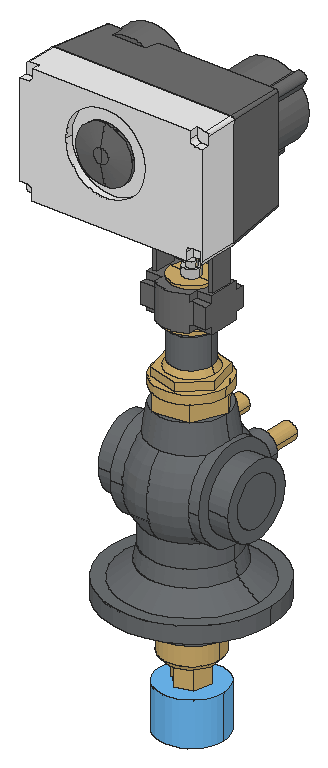
Revit family "AB-QM_DN40-50_External_AMV(E) 25 SD(SU)_RFA_1", category Pipe Accessories, Revit 2019
Family settings
  Round Connector Dimension = Use Diameter
  Part Type = Valve - Breaks Into
  OmniClass Number = 23.65.55.14.17
  OmniClass Title = Adjusting/Controlling Valves for Liquid Services
  Work Plane-Based = No
  Always vertical = Yes
  Cut with Voids When Loaded = No
  Shared = No
Parameters (values of type "AB-QM_DN40_External_003Z0770")
  ang2D [instance] = 0.00°
  Z2 = 4 mm
  Z1 = 1 mm
  XT = 1.9 mm
  Weight = 6.834 kg
  W2D = 40 mm
  W = 146 mm
  Voltage = if(or(Actuator Type = [082H3037], Actuator Type = [082H3040]), 230 V, 24 V)  # 24 V
  Valve Body Material = Danfoss Grey Iron
  URL = "https://store.danfoss.com/en/Climate-Solutions-for-heating/Hydronic-Balancing-and-Control/Pressure-independent-balancing-and-control/AB-QM/AB-QM-Valves/c/6990?q=%3Arelevance%3Adanfoss_producttypehierarchydesc%3A64b9d8b4eb1386042d41cb0d6519f866d976fa12%3Adanfoss_a1389412863%3ATA5_425361%3Adanfoss_a1389412863%3ATA14_425429&text="
  TP_W = 78 mm
  TP_R1 = 13.541 mm
  TP_L = 40 mm
  TP_D = 14.359 mm
  Stroke = "10 mm"  # constant formula
  Setting Range = "40-100%"  # constant formula
  RTN = 7 mm
  RT3 = 16.9 mm
  RT2 = 4 mm
  RT1 = 3.2 mm
  RN1_1 = 14.5 mm
  RN1 = 12.5 mm
  RM = 39 mm
  RH = 7.5 mm
  RB9 = 36.4 mm
  RB8 = 67.6 mm
  RB7 = 44.2 mm
  RB6 = 57.2 mm
  RB5_1 = 37 mm
  RB5 = 29.5 mm
  RB4 = 35.1 mm
  RB3_1 = 20 mm
  RB3 = 12.5 mm
  RB2_6 = 27 mm
  RB2_1 = 24 mm
  RB2 = 13.5 mm
  RB10 = 39 mm
  RB = 27.3 mm
  R2 = 48 mm
  R1 = 30 mm
  R = 20 mm
  Pressure Drop [instance] = 0.0 Pa
  Power = if(or(Actuator Type = [082H3038], Actuator Type = [082H3041]), 14 VA, 12 VA)  # 14 VA
  Nominal Pressure = "PN 16"  # constant formula
  Nominal Flow (Text) = "7500 l/h"
  Nominal Flow = 7.5 m³/h
  Model Type = "AB-QM_DN40"
  Model = "003Z0770"
  Min Medium Temperature = "2 °C"  # constant formula
  Min Differential Pressure = "30 kPa"  # constant formula
  Max Medium Temperature = "120 °C"  # constant formula
  Max Differential Pressure = "600 kPa"  # constant formula
  Manufacturer = "Danfoss"  # constant formula
  MIN__ve = -MIN  # -2 mm
  MIN = 2 mm
  LOD 350 = not(LOD 200)  # yes
  LOD 200 = no
  LM_4 = 23.4 mm
  LM = 93.6 mm
  L2D_Min = 30.48 mm
  L2D = 130 mm
  L1__ve = -L1  # -17.5 mm
  L1 = 17.5 mm
  L = 110 mm
  IfcExportType = "AB-QM"  # constant formula
  IfcExportAs = "IfcValveType"  # constant formula
  Ha [instance] = 302.2 mm
  HT__ve = -HT  # -13.5 mm
  HT = 13.5 mm
  HO1__ve = -HO1  # -54.66 mm
  HO1 = 54.66 mm
  HH = 20 mm
  HB = 18.6 mm
  H3 = 348 mm
  H2_6 = 48.6 mm
  H2_5 = 13 mm
  H2_4 = 7 mm
  H2_3 = 13.44 mm
  H2_2 = 4.5 mm
  H2_1 = 36.5 mm
  H2N = 19.2 mm
  H2 = 192 mm
  H1_5__ve = -H1_5  # -25 mm
  H1_5 = 25 mm
  H1_4__ve = -H1_4  # -4.8 mm
  H1_4 = 4.8 mm
  H1_3__ve = -H1_3  # -13 mm
  H1_3 = 13 mm
  H1_2 = 2 mm
  H1_1 = 2.5 mm
  H1N__ve = -H1N  # -3 mm
  H1N3__ve = -H1N3  # -13.92 mm
  H1N3 = 13.92 mm
  H1N2__ve = -H1N2  # -7 mm
  H1N2 = 7 mm
  H1N = 3 mm
  H1 = 156 mm
  H [instance] = 494.2 mm
  Flow [instance] = 0.0 m³/h
  Description = "Pressure Independent Control Valve"  # constant formula
  D1 = 65 mm
  D = 40 mm
  Connection = "External Thread (ISO 228/1)"  # constant formula
  CenSd_RN1_6 = RN1_1 * cos(30.00°)  # 12.557 mm
  CenSd_RB5_6 = RB5 * cos(30.00°)  # 25.548 mm
  CenSd_RB2_6 = RB2_6 * cos(30.00°)  # 23.383 mm
  Adapter Type = Adapter_AMV(E) 15(25)(35)_RFA : Adapter_AMV(E) 25_DN40-100_003Z0694
  Actuator Type = AMV(E) 25 SD(SU)_RFA : AME 25 SD_082H3038
  082H3041 = AMV(E) 25 SD(SU)_RFA : AME 25 SU_082H3041
  082H3040 = AMV(E) 25 SD(SU)_RFA : AMV 25 SU_230V_082H3040
  082H3038 = AMV(E) 25 SD(SU)_RFA : AME 25 SD_082H3038
  082H3037 = AMV(E) 25 SD(SU)_RFA : AMV 25 SD_230V_082H3037
Reference planes
  plane 1 "Center (Front/Back)": y = 0
  plane 2 "XYPLANE": z = 0
  plane 3 "Center (Left/Right)": x = 0
  plane 4 "123": x = 53.1
  plane 5 "120": x = -53.1
  plane 6 "102": x = -37.5
  plane 7 "101": z = 56.48
  plane 8 "100": z = 70.4
  plane 9 "99": z = 77.4
  plane 10 "98": z = 84.4
  plane 11 "97": z = 89.2
  plane 12 "96": z = 114.2
  plane 13 "95": z = 119
  plane 14 "94": z = 132
  plane 15 "93": z = 134
  plane 16 "92": z = 137
  plane 17 "91": z = 140
  plane 18 "90": z = 153.5
  plane 19 "89": z = 156
  plane 20 "88": z = -50.32
  plane 21 "87": z = -63.32
  plane 22 "86": z = -76.32
  plane 23 "85": z = -89.76
  plane 24 "84": z = -96.76
  plane 25 "83": z = -99.76
  plane 26 "82": z = -113.2
  plane 27 "81": z = -131.8
  plane 28 "80": z = -136.3
  plane 29 "79": z = -155.5
  plane 30 "78": z = -192
  plane 31 "74": x = 55
  plane 32 "73": x = -55
  plane 33 "72": z = 0
  plane 34 "71": x = 0
  plane 35 "70": y = 0
  plane 36: z = 14.66
  plane 37: z = 7.16
  plane 38: z = -57.62
  plane 39: x = -20
  plane 40: x = 20
  plane 41: x = 37.5
  plane 42: y = 78
  plane 43: y = -68
Forms (mm)
  Extrusion 1, solid, material "Danfoss Grey Iron" <- "Valve Body Material", detail levels fine
    sketch origin (53.1, -750, 0) x (0, 1, 0) y (0, 0, 1)
      loop
        circle (750, 0) r 20
    from 0 to 2 <- "MIN"
  Extrusion 2, solid, material "Danfoss Grey Iron" <- "Valve Body Material", detail levels fine
    sketch origin (-53.1, -750, 0) x (0, 1, 0) y (0, 0, 1)
      loop
        circle (750, 0) r 20
    from 0 to -2 <- "MIN__ve"
  Extrusion 3, solid, material "Danfoss Stainless Steel AISI 304 / AISI 316L", detail levels fine
    sketch origin (-750, 0, 153.5) x (1, 0, 0) y (0, 1, 0)
      loop
        circle (750, 0) r 4
    from 0 to -13.5
  Blend 4, solid, material "Danfoss Stainless Steel AISI 304 / AISI 316L", detail levels fine
    base sketch origin (-750, 0, 174) x (1, 0, 0) y (0, 1, 0)
      loop
        circle (750, 0) r 3.2
    top sketch origin (-750, 0, 174) x (1, 0, 0) y (0, 1, 0)
      loop
        circle (750, 0) r 4
    from -18 to -20.5
  Extrusion 5, solid, material "Danfoss Brass", visible <- "LOD 350", detail levels fine
    sketch origin (-750, 0, 140) x (1, 0, 0) y (0, 1, 0)
      loop
        circle (750, 0) r 7
    from 0 to -3
  Blend 6, solid, material "Danfoss Brass", visible <- "LOD 350", detail levels fine
    base sketch origin (-750, 0, 134) x (1, 0, 0) y (0, 1, 0)
      loop
        circle (750, 0) r 12.5
    top sketch origin (-750, 0, 134) x (1, 0, 0) y (0, 1, 0)
      loop
        circle (750, 0) r 12.5
    from 0 to 3
  Blend 7, solid, material "Danfoss Brass", visible <- "LOD 350", detail levels fine
    base sketch origin (-750, 0, 134) x (1, 0, 0) y (0, 1, 0)
      loop
        circle (750, 0) r 12.5
    top sketch origin (-750, 0, 134) x (1, 0, 0) y (0, 1, 0)
      loop
        circle (750, 0) r 12.5
    from 0 to -2
  Extrusion 8, solid, material "Danfoss Brass", visible <- "LOD 350", detail levels fine
    sketch origin (-750, 0, 132) x (1, 0, 0) y (0, 1, 0)
      loop
        circle (750, 0) r 12.5
    from 0 to -13
  Extrusion 9, solid, material "Danfoss Brass", visible <- "LOD 350", detail levels fine
    sketch origin (-750, 0, 119) x (1, 0, 0) y (0, 1, 0)
      loop
        circle (750, 0) r 13.5
    from 0 to -4.8
  Extrusion 10, solid, material "Danfoss Grey Iron" <- "Valve Body Material", detail levels fine
    sketch origin (-750, 0, 114.2) x (1, 0, 0) y (0, 1, 0)
      loop
        circle (750, 0) r 16.9
    from 0 to -25
  Blend 11, solid, material "Danfoss Brass", visible <- "LOD 350", detail levels fine
    base sketch origin (-750, 0, 84.4) x (1, 0, 0) y (0, 1, 0)
      loop
        circle (750, 0) r 20
    top sketch origin (-750, 0, 84.4) x (1, 0, 0) y (0, 1, 0)
      loop
        circle (750, 0) r 16.9
    from 0 to 4.8
  Extrusion 12, solid, material "Danfoss Brass", visible <- "LOD 350", detail levels fine
    sketch origin (-750, 0, 84.4) x (1, 0, 0) y (0, 1, 0)
      loop
        line (756.532, -26.198) -> (775.954, -7.442) -> (769.422, 18.756) -> (743.468, 26.198) -> (724.046, 7.442) -> (730.578, -18.756) -> (756.532, -26.198)
    from 0 to -7
  Extrusion 13, solid, material "Danfoss Brass", visible <- "LOD 350", detail levels fine
    sketch origin (-750, 0, 77.4) x (1, 0, 0) y (0, 1, 0)
      loop
        circle (750, 0) r 29.5
    from 0 to -7
  Extrusion 14, solid, material "Danfoss Brass", visible <- "LOD 350", detail levels fine
    sketch origin (-750, 0, 70.4) x (1, 0, 0) y (0, 1, 0)
      loop
        line (738.379, -27.114) -> (767.671, -23.622) -> (779.292, 3.493) -> (761.621, 27.114) -> (732.329, 23.622) -> (720.708, -3.493) -> (738.379, -27.114)
    from 0 to -13.92
  Extrusion 15, solid, material "Danfoss Plastic Light Blue", detail levels fine
    sketch origin (-750, 0, -192) x (1, 0, 0) y (0, 1, 0)
      loop
        circle (750, 0) r 27.3
    from 0 to 36.5
  Extrusion 16, solid, material "Danfoss Brass", detail levels fine
    sketch origin (-750, 0, -155.5) x (1, 0, 0) y (0, 1, 0)
      loop
        line (746.492, -14.069) -> (760.43, -10.073) -> (763.938, 3.997) -> (753.508, 14.069) -> (739.57, 10.073) -> (736.062, -3.997) -> (746.492, -14.069)
    from 0 to 19.2
  Blend 17, solid, material "Danfoss Brass", detail levels fine
    base sketch origin (-750, 0, -131.8) x (1, 0, 0) y (0, 1, 0)
      loop
        circle (750, 0) r 24
    top sketch origin (-750, 0, -131.8) x (1, 0, 0) y (0, 1, 0)
      loop
        circle (750, 0) r 20
    from 0 to -4.5
  Extrusion 18, solid, material "Danfoss Brass", detail levels fine
    sketch origin (-750, 0, -131.8) x (1, 0, 0) y (0, 1, 0)
      loop
        circle (750, 0) r 24
    from 0 to 18.6
  Extrusion 19, solid, material "Danfoss Grey Iron" <- "Valve Body Material", visible <- "LOD 350", detail levels fine
    sketch origin (-750, 0, -113.2) x (1, 0, 0) y (0, 1, 0)
      loop
        circle (750, 0) r 29.5
    from 0 to 13.44
  Blend 20, solid, material "Danfoss Grey Iron" <- "Valve Body Material", visible <- "LOD 350", detail levels fine
    base sketch origin (-750, 0, -96.76) x (1, 0, 0) y (0, 1, 0)
      loop
        circle (750, 0) r 35.1
    top sketch origin (-750, 0, -96.76) x (1, 0, 0) y (0, 1, 0)
      loop
        circle (750, 0) r 29.5
    from 0 to -3
  Blend 21, solid, material "Danfoss Grey Iron" <- "Valve Body Material", visible <- "LOD 350", detail levels fine
    base sketch origin (-750, 0, -89.76) x (1, 0, 0) y (0, 1, 0)
      loop
        circle (750, 0) r 57.2
    top sketch origin (-750, 0, -89.76) x (1, 0, 0) y (0, 1, 0)
      loop
        circle (750, 0) r 44.2
    from 0 to -7
  Extrusion 22, solid, material "Danfoss Grey Iron" <- "Valve Body Material", visible <- "LOD 350", detail levels fine
    sketch origin (-750, 0, -89.76) x (1, 0, 0) y (0, 1, 0)
      loop
        circle (750, 0) r 67.6
    from 0 to 13.44
  Blend 23, solid, material "Danfoss Grey Iron" <- "Valve Body Material", visible <- "LOD 350", detail levels fine
    base sketch origin (-750, 0, -63.32) x (1, 0, 0) y (0, 1, 0)
      loop
        circle (750, 0) r 39
    top sketch origin (-750, 0, -63.32) x (1, 0, 0) y (0, 1, 0)
      loop
        circle (750, 0) r 57.2
    from 0 to -13
  Blend 24, solid, material "Danfoss Grey Iron" <- "Valve Body Material", visible <- "LOD 350", detail levels fine
    base sketch origin (-750, 0, -50.32) x (1, 0, 0) y (0, 1, 0)
      loop
        circle (750, 0) r 36.4
    top sketch origin (-750, 0, -50.32) x (1, 0, 0) y (0, 1, 0)
      loop
        circle (750, 0) r 39
    from 0 to -13
  Extrusion 25, solid, material "Danfoss Grey Iron" <- "Valve Body Material", visible <- "LOD 350", detail levels fine
    sketch origin (-750, 0, -50.32) x (1, 0, 0) y (0, 1, 0)
      loop
        circle (750, 0) r 36.4
    from 0 to 50.32
  Extrusion 26, solid, material "Danfoss Grey Iron" <- "Valve Body Material", detail levels fine
    sketch origin (55, -750, 0) x (0, 1, 0) y (0, 0, 1)
      loop
        circle (750, 0) r 30
    from 0 to -17.5
  Extrusion 27, solid, material "Danfoss Grey Iron" <- "Valve Body Material", detail levels fine
    sketch origin (-55, -750, 0) x (0, 1, 0) y (0, 0, 1)
      loop
        circle (750, 0) r 30
    from 0 to 17.5
  Extrusion 28, solid, material "Danfoss Grey Iron" <- "Valve Body Material", detail levels fine
    sketch origin (-37.5, -750, 0) x (0, 1, 0) y (0, 0, 1)
      loop
        circle (750, 0) r 39
    from 0 to 75
  Extrusion 29, solid, material "Danfoss Grey Iron" <- "Valve Body Material", not visible, detail levels fine
    sketch origin (55, -750, 0) x (0, 1, 0) y (0, 0, 1)
      loop
        circle (750, 0) r 10
    from 0 to -10
  Extrusion 30, solid, material "Danfoss Grey Iron" <- "Valve Body Material", not visible, detail levels fine
    sketch origin (-55, -750, 0) x (0, 1, 0) y (0, 0, 1)
      loop
        circle (750, 0) r 10
    from 0 to 10
  Extrusion 31, solid, material "Danfoss Brass", detail levels fine
    sketch origin (0, 0, 0) x (1, 0, 0) y (0, 0, 1)
      loop
        circle (-20, 14.66) r 7.179
      loop
        circle (20, 7.16) r 7.179
      loop
        circle (0, -57.62) r 7.179
    from 0 to -78
  Revolve 32, solid, material "Danfoss Grey Iron" <- "Valve Body Material", detail levels fine
    sketch origin (0, 0, 0) x (0, 1, 0) y (0, 0, 1)
      loop
        arc (0, 48) -> (-48, 0) -> (0, -48) r 48
        line (0, -48) -> (0, 48)
      axis (0, 48) -> (0, -48)
    angle from 0 to 360
  Blend 33, solid, material "Danfoss Grey Iron" <- "Valve Body Material", detail levels fine
    base sketch origin (-750, 0, 56.48) x (1, 0, 0) y (0, 1, 0)
      loop
        circle (750, 0) r 29.5
    top sketch origin (-750, 0, 56.48) x (1, 0, 0) y (0, 1, 0)
      loop
        circle (750, 0) r 37
    from 0 to -41.82
  Extrusion 34, solid, material "Danfoss Grey Iron" <- "Valve Body Material", detail levels fine
    sketch origin (0, 0, 0) x (1, 0, 0) y (0, 0, 1)
      loop
        circle (-20, 14.66) r 13.541
      loop
        circle (20, 7.16) r 13.541
      loop
        circle (0, -57.62) r 13.541
    from 0 to -49
  Extrusion 35, solid, material "Danfoss Brass", visible <- "LOD 200", detail levels fine
    sketch origin (-750, 0, 56.48) x (1, 0, 0) y (0, 1, 0)
      loop
        circle (750, 0) r 16.9
    from 57.72 to 83.52
  Extrusion 36, solid, material "Danfoss Brass", visible <- "LOD 200", detail levels fine
    sketch origin (-750, 0, 56.48) x (1, 0, 0) y (0, 1, 0)
      loop
        circle (750, 0) r 29.5
    from 0 to 32.72
  Extrusion 37, solid, material "Danfoss Grey Iron" <- "Valve Body Material", visible <- "LOD 200", detail levels fine
    sketch origin (-750, 0, 56.48) x (1, 0, 0) y (0, 1, 0)
      loop
        circle (750, 0) r 67.6
    from -153.24 to -119.8
  Extrusion 38, solid, material "Danfoss Grey Iron" <- "Valve Body Material", visible <- "LOD 200", detail levels fine
    sketch origin (-750, 0, 56.48) x (1, 0, 0) y (0, 1, 0)
      loop
        circle (750, 0) r 36.4
    from -169.68 to -56.48
Lines and regions (mm)
  reference lines, not visible
    curve 1: circle (2, 2, 0) r 1 normal (0, 0, 1)
  reference lines, visible <- "LOD 350"
    curve 2: line (0, 0, 140) -> (-6.248, 1.792, 140)
    curve 3: line (0, 0, 140) -> (-1.572, 6.307, 140)
    curve 4: line (0, 0, 140) -> (4.676, 4.515, 140)
    curve 5: line (0, 0, 84.4) -> (-11.247, 3.225, 84.4)
    curve 6: line (0, 0, 84.4) -> (-2.83, 11.352, 84.4)
    curve 7: line (0, 0, 84.4) -> (8.416, 8.128, 84.4)
    curve 8: line (0, 0, 70.4) -> (-8.566, 11.45, 70.4)
    curve 9: line (0, 0, 70.4) -> (5.633, 13.144, 70.4)
    curve 10: line (0, 0, 70.4) -> (14.199, 1.693, 70.4)
  reference lines
    curve 11: line (0, 0, -155.5) -> (6.873, 1.971, -155.5)
    curve 12: line (0, 0, -155.5) -> (1.73, 6.938, -155.5)
    curve 13: line (0, 0, -155.5) -> (-5.143, 4.967, -155.5)
Dimensions and locks
  plane 1 "Center (Front/Back)" to curve 1 = 2 mm
  "XT": plane 31 "74" to plane 4 "123"
  "XT": plane 32 "73" to plane 5 "120"
  "L1": plane 32 "73" to plane 6 "102"
  "H1N3": plane 8 "100" to plane 7 "101"
  "H1N2": plane 9 "99" to plane 8 "100"
  "H1N2": plane 10 "98" to plane 9 "99"
  "H1_4": plane 11 "97" to plane 10 "98"
  "H1_5": plane 12 "96" to plane 11 "97"
  "H1_4": plane 13 "95" to plane 12 "96"
  "H1_3": plane 14 "94" to plane 13 "95"
  "H1_2": plane 15 "93" to plane 14 "94"
  "H1N": plane 16 "92" to plane 15 "93"
  "H1N": plane 17 "91" to plane 16 "92"
  "HT": plane 18 "90" to plane 17 "91"
  "H1_1": plane 19 "89" to plane 18 "90"
  "H2_5": plane 21 "87" to plane 20 "88"
  "H2_5": plane 22 "86" to plane 21 "87"
  "H2_3": plane 23 "85" to plane 22 "86"
  "H2_4": plane 24 "84" to plane 23 "85"
  "H1N": plane 25 "83" to plane 24 "84"
  "H2_3": plane 26 "82" to plane 25 "83"
  "HB": plane 27 "81" to plane 26 "82"
  "H2_2": plane 28 "80" to plane 27 "81"
  "H2N": plane 29 "79" to plane 28 "80"
  "H2_1": plane 30 "78" to plane 29 "79"
  "H2": plane 2 "XYPLANE" to plane 30 "78"
  locked: plane 2 "XYPLANE" to plane 33 "72"
  locked: plane 3 "Center (Left/Right)" to plane 34 "71"
  locked: plane 1 "Center (Front/Back)" to plane 35 "70"
  "CenSd_RB2_6": curve 5 to Extrusion 12 sketch curve  (x2)
  "CenSd_RB2_6": curve 6 to Extrusion 12 sketch curve  (x2)
  "CenSd_RB2_6": curve 7 to Extrusion 12 sketch curve  (x2)
  Extrusion 12 sketch curve to Extrusion 12 sketch curve = 0 mm  (x12)
  "CenSd_RB5_6": curve 8 to Extrusion 14 sketch curve  (x2)
  "CenSd_RB5_6": curve 9 to Extrusion 14 sketch curve  (x2)
  "CenSd_RB5_6": curve 10 to Extrusion 14 sketch curve  (x2)
  Extrusion 14 sketch curve to Extrusion 14 sketch curve = 0 mm  (x12)
  "CenSd_RN1_6": curve 11 to Extrusion 16 sketch curve  (x2)
  "CenSd_RN1_6": curve 12 to Extrusion 16 sketch curve  (x2)
  "CenSd_RN1_6": curve 13 to Extrusion 16 sketch curve  (x2)
  Extrusion 16 sketch curve to Extrusion 16 sketch curve = 0 mm  (x12)
  "L1": plane 41 to plane 31 "74"
  "L": plane 32 "73" to plane 31 "74"
  equal spacing: plane 32 "73", plane 3 "Center (Left/Right)", plane 31 "74"
  equal spacing: plane 39, plane 34 "71", plane 40
  "TP_L": plane 39 to plane 40
  "TP_W": plane 42 to plane 35 "70"
  "H3": plane 19 "89" to plane 30 "78"
  "W": plane 43 to plane 42
  locked: nested 2 to plane 12 "96" at 8
  "Ha": nested 2 to plane 33 "72"
  "H": nested 2 to plane 30 "78"
  "R": radius of Extrusion 1 sketch curve
  "R": radius of Extrusion 2 sketch curve
  "RT2": radius of Extrusion 3 sketch curve
  "RT2": radius of Blend 4 sketch curve
  "RT1": radius of Blend 4 sketch curve
  "RN1": radius of Blend 6 sketch curve
  "RB3": radius of Blend 6 sketch curve
  "RN1": radius of Blend 7 sketch curve
  "RB3": radius of Blend 7 sketch curve
  "RB3": radius of Extrusion 8 sketch curve
  "RB2": radius of Extrusion 9 sketch curve
  "RT3": radius of Extrusion 10 sketch curve
  "RT3": radius of Blend 11 sketch curve
  "R": radius of Blend 11 sketch curve
  "RB5": radius of Extrusion 13 sketch curve
  "RB": radius of Extrusion 15 sketch curve
  "RB3_1": radius of Blend 17 sketch curve
  "RB2_1": radius of Blend 17 sketch curve
  "RB2_1": radius of Extrusion 18 sketch curve
  "RB5": radius of Extrusion 19 sketch curve
  "RB5": radius of Blend 20 sketch curve
  "RB4": radius of Blend 20 sketch curve
  "RB7": radius of Blend 21 sketch curve
  "RB6": radius of Blend 21 sketch curve
  "RB8": radius of Extrusion 22 sketch curve
  "RB6": radius of Blend 23 sketch curve
  "RB10": radius of Blend 23 sketch curve
  "RB10": radius of Blend 24 sketch curve
  "RB9": radius of Blend 24 sketch curve
  "RB9": radius of Extrusion 25 sketch curve
  "R1": radius of Extrusion 26 sketch curve
  "R1": radius of Extrusion 27 sketch curve
  "RM": radius of Extrusion 28 sketch curve
  "TP_D": diameter of Extrusion 31 sketch curve  (x3)
  "R2": radius of Revolve 32 sketch curve
  "RTN": radius of Extrusion 5 sketch curve
  "RB5": radius of Blend 33 sketch curve
  "RB5_1": radius of Blend 33 sketch curve
  "TP_R1": radius of Extrusion 34 sketch curve  (x3)
  "RT3": radius of Extrusion 35 sketch curve
  "RB5": radius of Extrusion 36 sketch curve
  "RB8": radius of Extrusion 37 sketch curve
  "RB9": radius of Extrusion 38 sketch curve
  locked: curve 3 to curve 2 (angle 60.00°)
  locked: curve 4 to curve 3 (angle 60.00°)
  locked: curve 4 to curve 2 (angle 120.00°)
  locked: curve 6 to curve 5 (angle 60.00°)
  locked: curve 7 to curve 6 (angle 60.00°)
  locked: curve 7 to curve 5 (angle 120.00°)
  locked: curve 9 to curve 8 (angle 60.00°)
  locked: curve 10 to curve 9 (angle 60.00°)
  locked: curve 10 to curve 8 (angle 120.00°)
  locked: curve 12 to curve 11 (angle 60.00°)
  locked: curve 13 to curve 12 (angle 60.00°)
  locked: curve 13 to curve 11 (angle 120.00°)
  aligned and locked: level to plane 2 "XYPLANE"
  aligned and locked: plane 33 "72" to Extrusion 1 sketch curve
  aligned and locked: Extrusion 1 sketch curve to plane 35 "70"
  aligned and locked: plane 33 "72" to Extrusion 2 sketch curve
  aligned and locked: Extrusion 2 sketch curve to plane 35 "70"
  aligned and locked: plane 34 "71" to Extrusion 3 sketch curve
  aligned and locked: plane 35 "70" to Extrusion 3 sketch curve
  aligned and locked: plane 34 "71" to Blend 4 sketch curve  (x2)
  aligned and locked: plane 35 "70" to Blend 4 sketch curve  (x2)
  aligned and locked: Blend 4 to plane 18 "90"
  aligned and locked: plane 35 "70" to curve 3
  aligned and locked: plane 34 "71" to curve 4
  aligned and locked: plane 34 "71" to Blend 6 sketch curve  (x2)
  aligned and locked: plane 35 "70" to Blend 6 sketch curve  (x2)
  aligned and locked: plane 16 "92" to Blend 6
  aligned and locked: plane 34 "71" to Blend 7 sketch curve  (x2)
  aligned and locked: plane 35 "70" to Blend 7 sketch curve  (x2)
  aligned and locked: Blend 7 to plane 14 "94"
  aligned and locked: plane 34 "71" to Extrusion 8 sketch curve
  aligned and locked: plane 35 "70" to Extrusion 8 sketch curve
  aligned and locked: plane 34 "71" to Extrusion 9 sketch curve
  aligned and locked: plane 35 "70" to Extrusion 9 sketch curve
  aligned and locked: plane 34 "71" to Extrusion 10 sketch curve
  aligned and locked: plane 35 "70" to Extrusion 10 sketch curve
  aligned and locked: plane 34 "71" to Blend 11 sketch curve  (x2)
  aligned and locked: plane 35 "70" to Blend 11 sketch curve  (x2)
  aligned and locked: plane 11 "97" to Blend 11
  aligned and locked: plane 35 "70" to curve 6
  aligned and locked: plane 34 "71" to curve 7
  aligned and locked: plane 34 "71" to Extrusion 13 sketch curve
  aligned and locked: plane 35 "70" to Extrusion 13 sketch curve
  aligned and locked: plane 34 "71" to curve 9
  aligned and locked: plane 35 "70" to curve 10
  aligned and locked: plane 34 "71" to Extrusion 15 sketch curve
  aligned and locked: plane 35 "70" to Extrusion 15 sketch curve
  aligned and locked: plane 35 "70" to curve 12
  aligned and locked: plane 34 "71" to curve 13
  aligned and locked: plane 34 "71" to Blend 17 sketch curve  (x2)
  aligned and locked: plane 35 "70" to Blend 17 sketch curve  (x2)
  aligned and locked: Blend 17 to plane 28 "80"
  aligned and locked: plane 34 "71" to Extrusion 18 sketch curve
  aligned and locked: plane 35 "70" to Extrusion 18 sketch curve
  aligned and locked: plane 34 "71" to Extrusion 19 sketch curve
  aligned and locked: plane 35 "70" to Extrusion 19 sketch curve
  aligned and locked: plane 34 "71" to Blend 20 sketch curve  (x2)
  aligned and locked: plane 35 "70" to Blend 20 sketch curve  (x2)
  aligned and locked: Blend 20 to plane 25 "83"
  aligned and locked: plane 34 "71" to Blend 21 sketch curve  (x2)
  aligned and locked: plane 35 "70" to Blend 21 sketch curve  (x2)
  aligned and locked: Blend 21 to plane 24 "84"
  aligned and locked: plane 34 "71" to Extrusion 22 sketch curve
  aligned and locked: plane 35 "70" to Extrusion 22 sketch curve
  aligned and locked: plane 34 "71" to Blend 23 sketch curve  (x2)
  aligned and locked: plane 35 "70" to Blend 23 sketch curve  (x2)
  aligned and locked: Blend 23 to plane 22 "86"
  aligned and locked: plane 34 "71" to Blend 24 sketch curve  (x2)
  aligned and locked: plane 35 "70" to Blend 24 sketch curve  (x2)
  aligned and locked: Blend 24 to plane 21 "87"
  aligned and locked: plane 34 "71" to Extrusion 25 sketch curve
  aligned and locked: plane 35 "70" to Extrusion 25 sketch curve
  aligned and locked: plane 33 "72" to Extrusion 26 sketch curve
  aligned and locked: Extrusion 26 sketch curve to plane 35 "70"
  aligned and locked: plane 33 "72" to Extrusion 27 sketch curve
  aligned and locked: Extrusion 27 sketch curve to plane 35 "70"
  aligned and locked: plane 33 "72" to Extrusion 28 sketch curve
  aligned and locked: Extrusion 28 sketch curve to plane 35 "70"
  aligned and locked: plane 33 "72" to Extrusion 29 sketch curve
  aligned and locked: Extrusion 29 sketch curve to plane 35 "70"
  aligned and locked: plane 33 "72" to Extrusion 30 sketch curve
  aligned and locked: Extrusion 30 sketch curve to plane 35 "70"
  aligned and locked: Extrusion 28 to plane 6 "102"
  aligned and locked: Extrusion 28 to Extrusion 26
  aligned and locked: Extrusion 27 to plane 32 "73"
  aligned and locked: Extrusion 26 to plane 31 "74"
  aligned and locked: Extrusion 27 to plane 6 "102"
  aligned and locked: Extrusion 26 to plane 41
  aligned and locked: Revolve 32 sketch curve to plane 35 "70"
  aligned and locked: Revolve 32 sketch curve to Revolve 32 sketch curve
  aligned and locked: Extrusion 13 to plane 8 "100"
  aligned and locked: Blend 33 to plane 7 "101"
  aligned and locked: Blend 33 to plane 36
  aligned and locked: plane 18 "90" to Extrusion 3
  aligned and locked: Extrusion 3 to plane 17 "91"
  aligned and locked: plane 19 "89" to Blend 4
  aligned and locked: Blend 4 to Extrusion 3
  aligned and locked: plane 17 "91" to Extrusion 5
  aligned and locked: Extrusion 5 to plane 16 "92"
  aligned and locked: Blend 6 to Extrusion 5
  aligned and locked: Blend 6 to plane 15 "93"
  aligned and locked: plane 15 "93" to Blend 7
  aligned and locked: Blend 7 to Extrusion 8
  aligned and locked: plane 14 "94" to Extrusion 8
  aligned and locked: Extrusion 8 to plane 13 "95"
  aligned and locked: plane 13 "95" to Extrusion 9
  aligned and locked: Extrusion 9 to plane 12 "96"
  aligned and locked: plane 12 "96" to Extrusion 10
  aligned and locked: Extrusion 10 to plane 11 "97"
  aligned and locked: Blend 11 to Extrusion 10
  aligned and locked: Blend 11 to plane 10 "98"
  aligned and locked: plane 10 "98" to Extrusion 12
  aligned and locked: Extrusion 12 to plane 9 "99"
  aligned and locked: plane 9 "99" to Extrusion 13
  aligned and locked: Extrusion 13 to Extrusion 14
  aligned and locked: plane 8 "100" to Extrusion 14
  aligned and locked: Extrusion 14 to plane 7 "101"
  aligned and locked: Blend 33 to Extrusion 14
  aligned and locked: level to Extrusion 25
  aligned and locked: Extrusion 25 to plane 20 "88"
  aligned and locked: plane 20 "88" to Blend 24
  aligned and locked: plane 21 "87" to Blend 23
  aligned and locked: Blend 23 to Extrusion 22
  aligned and locked: plane 22 "86" to Extrusion 22
  aligned and locked: Extrusion 22 to plane 23 "85"
  aligned and locked: plane 23 "85" to Blend 21
  aligned and locked: Blend 21 to Blend 20
  aligned and locked: plane 24 "84" to Blend 20
  aligned and locked: Blend 20 to Extrusion 19
  aligned and locked: plane 25 "83" to Extrusion 19
  aligned and locked: Extrusion 19 to plane 26 "82"
  aligned and locked: Extrusion 19 to Extrusion 18
  aligned and locked: plane 26 "82" to Extrusion 18
  aligned and locked: Extrusion 18 to plane 27 "81"
  aligned and locked: Extrusion 18 to Blend 17
  aligned and locked: plane 27 "81" to Blend 17
  aligned and locked: Blend 17 to Extrusion 16
  aligned and locked: plane 28 "80" to Extrusion 16
  aligned and locked: Extrusion 16 to plane 29 "79"
  aligned and locked: plane 29 "79" to Extrusion 15
  aligned and locked: Extrusion 15 to plane 30 "78"
  aligned and locked: Extrusion 34 to plane 1 "Center (Front/Back)"
  aligned and locked: Extrusion 35 to plane 12 "96"
  aligned and locked: plane 17 "91" to Extrusion 35
  aligned and locked: plane 11 "97" to Extrusion 36
  aligned and locked: Extrusion 36 to plane 7 "101"
  aligned and locked: Extrusion 37 to plane 24 "84"
  aligned and locked: plane 21 "87" to Extrusion 37
  aligned and locked: level to Extrusion 38
  aligned and locked: Extrusion 38 to plane 26 "82"
  aligned and locked: plane 1 "Center (Front/Back)" to Extrusion 31
  aligned and locked: plane 42 to Extrusion 31
  aligned and locked: plane 35 "70" to nested 2
  aligned and locked: nested 2 to plane 34 "71"
  aligned and locked: plane 3 "Center (Left/Right)" to nested 3
  aligned and locked: plane 1 "Center (Front/Back)" to nested 3
  aligned and locked: nested 3 to plane 13 "95"
Automatic sketch dimensions
  plane 3 "Center (Left/Right)" to curve 1 = 2 mm
  curve 3 to plane 3 "Center (Left/Right)" = 1.572 mm
  curve 6 to plane 3 "Center (Left/Right)" = 2.83 mm
  curve 8 to plane 3 "Center (Left/Right)" = 8.566 mm
  curve 13 to plane 1 "Center (Front/Back)" = 4.967 mm
  plane 1 "Center (Front/Back)" to Extrusion 29 sketch curve = 10 mm
  plane 1 "Center (Front/Back)" to Extrusion 30 sketch curve = 10 mm
  plane 1 "Center (Front/Back)" to Extrusion 5 sketch curve = 0 mm
  Extrusion 5 sketch curve to plane 3 "Center (Left/Right)" = 0 mm
  Extrusion 31 sketch curve to plane 36 = 0 mm
  Extrusion 31 sketch curve to plane 39 = 0 mm
  Extrusion 31 sketch curve to plane 3 "Center (Left/Right)" = 0 mm
  Extrusion 31 sketch curve to plane 37 = 0 mm
  Extrusion 31 sketch curve to plane 40 = 0 mm
  Extrusion 31 sketch curve to plane 38 = 0 mm
  Revolve 32 sketch curve to level = 0 mm
  Revolve 32 sketch curve to Revolve 32 sketch curve = 0 mm  (x2)
  plane 1 "Center (Front/Back)" to Blend 33 sketch curve = 0 mm  (x2)
  Blend 33 sketch curve to plane 3 "Center (Left/Right)" = 0 mm  (x2)
  Extrusion 34 sketch curve to plane 36 = 0 mm
  Extrusion 34 sketch curve to plane 39 = 0 mm
  Extrusion 34 sketch curve to plane 3 "Center (Left/Right)" = 0 mm
  Extrusion 34 sketch curve to plane 37 = 0 mm
  Extrusion 34 sketch curve to plane 40 = 0 mm
  Extrusion 34 sketch curve to plane 38 = 0 mm
  plane 1 "Center (Front/Back)" to Extrusion 35 sketch curve = 0 mm
  Extrusion 35 sketch curve to plane 3 "Center (Left/Right)" = 0 mm
  plane 1 "Center (Front/Back)" to Extrusion 36 sketch curve = 0 mm
  Extrusion 36 sketch curve to plane 3 "Center (Left/Right)" = 0 mm
  plane 1 "Center (Front/Back)" to Extrusion 37 sketch curve = 0 mm
  Extrusion 37 sketch curve to plane 3 "Center (Left/Right)" = 0 mm
  plane 1 "Center (Front/Back)" to Extrusion 38 sketch curve = 0 mm
  Extrusion 38 sketch curve to plane 3 "Center (Left/Right)" = 0 mm
  radius of curve 1 = 1 mm
Nested families
  nested 1: "Schematic_PICV_Actuator" at (0, 0, 0), type "Schematic_PICV_Actuator", detail levels coarse+medium
  nested 2: "AMV(E) 25 SD(SU)_RFA" at (0, 0, 122.2), LOD 200 <- "LOD 200", Voltage <- "Voltage", Power <- "Power", type <- "Actuator Type", type "AME 25 SD_082H3038", detail levels fine
    with Voltage 24 V, Power 14 VA, LOD 350 yes, LOD 200 no
  nested 3: "Adapter_AMV(E) 15(25)(35)_RFA" at (0, 0, 119), type <- "Adapter Type", type "Adapter_AMV(E) 25_DN40-100_003Z0694", detail levels fine
Connectors
  piping at (-55, 0, 0), diameter 40, driven by "D", driven by "Flow"
    settings: on Extrusion 30, index 1, connector inside diameter 609.6 mm, connector length 0 mm, flow factor 0, pipe flow 0.0 m³/h, pressure drop 0.0 Pa, fitting loss kfactor 0, connector angle 0.00°, fixture units 0, engagement length 0 mm, angle of deflection 0.00°, flow configuration 0, flow direction 1, fitting loss method 0, system type 29, joint type 0, gender type 0, connector reference index 2, connector utility 0, adjustable connector no, is connector primary yes, connector description ""
  piping at (55, 0, 0), diameter 40, driven by "D", driven by "Flow"
    settings: on Extrusion 29, index 2, connector inside diameter 609.6 mm, connector length 0 mm, flow factor 0, pipe flow 0.0 m³/h, pressure drop 0.0 Pa, fitting loss kfactor 0, connector angle 0.00°, fixture units 0, engagement length 0 mm, angle of deflection 0.00°, flow configuration 0, flow direction 2, fitting loss method 0, system type 29, joint type 0, gender type 0, connector reference index 1, connector utility 0, adjustable connector no, is connector primary no, connector description ""
  electrical at (0, 0, 0), driven by "Voltage", driven by "Power"
    settings: index 3, voltage 24 V, apparent load 0 VA, apparent load phase1 14 VA, apparent load phase2 0 VA, apparent load phase3 0 VA, power factor 0.95, load classification "HVAC", number of poles 1, system type 31, power factor state 1, is connector primary yes, connector utility no, sub classification motor no, connector description ""
Definition of nested family "AMV(E) 25 SD(SU)_RFA"
  Parameters (values of type "AME 25 SD_082H3038")
    Weight = 2.30 kg
    W = 128.5 mm  # constant formula
    Voltage [instance] = 24 V
    URL = "https://store.danfoss.com/en/Climate-Solutions-for-heating/Motorised-Control-Valves/Actuators-for-Globe-Valves/Actuators-With-Safety-Function/c/4110?q=%3Arelevance%3Adanfoss_producttypehierarchydesc%3AAMV+25+SU%3Adanfoss_producttypehierarchydesc%3AAMV+25+SD%3Adanfoss_producttypehierarchydesc%3AAME+25+SU%3Adanfoss_producttypehierarchydesc%3AAME+25+SD&text="
    Speed = "15 s/mm"
    Safety Function = "Spring Down"
    Power [instance] = 14 VA
    Output Signal = "0-10 V"
    Model Type = "AME 25 SD"
    Model = "082H3038"
    Min Ambient Temperature = "0 °C"  # constant formula
    Max Stroke = 15 mm  # constant formula
    Max Medium Temperature = "150 °C"  # constant formula
    Max Ambient Temperature = "55 °C"  # constant formula
    Manufacturer = "Danfoss"  # constant formula
    LOD 350 [instance] = not(LOD 200)  # yes
    LOD 200 [instance] = no
    L = 155 mm
    IfcExportType = "AME 25 SD"
    IfcExportAs = "IfcActuatorType"  # constant formula
    H = 180 mm
    Description = "Gear Actuator"  # constant formula
    Control Input Signal = "0-10 V/ 0-20 mA"
    Closing Force = "450 N"
    Body Material = none
  Types (6, lengths in mm): name | Voltage | Safety Function | Power | Output Signal | Model Type | Model | IfcExportType | Control Input Signal
    AME 25 SD_082H3038 | 24 V | "Spring Down" | 14 VA | "0-10 V" | "AME 25 SD" | "082H3038" | "AME 25 SD" | "0-10 V/ 0-20 mA"
    AME 25 SU_082H3041 | 24 V | "Spring Up" | 14 VA | "0-10 V" | "AME 25 SU" | "082H3041" | "AME 25 SU" | "0-10 V/ 0-20 mA"
    AMV 25 SD_24V_082H3036 | 24 V | "Spring Down" | 12 VA | "End travel position feedback" | "AMV 25 SD" | "082H3036" | "AMV 25 SD" | "3-point triac control"
    AMV 25 SU_24V_082H3039 | 24 V | "Spring Up" | 12 VA | "End travel position feedback" | "AMV 25 SU" | "082H3039" | "AMV 25 SU" | "3-point triac control"
    AMV 25 SD_230V_082H3037 | 230 V | "Spring Down" | 12 VA | "End travel position feedback" | "AMV 25 SD" | "082H3037" | "AMV 25 SD" | "3-point triac control"
    AMV 25 SU_230V_082H3040 | 230 V | "Spring Up" | 12 VA | "End travel position feedback" | "AMV 25 SU" | "082H3040" | "AMV 25 SU" | "3-point triac control"
  Reference planes
    plane 1 "Center (Front/Back)": y = 0
    plane 2: z = 0
    plane 3 "Center (Left/Right)": x = 0
    plane 4: z = 180
    plane 5: x = 28
    plane 6 "1": x = -28
    plane 7: x = 51
    plane 8: x = -104
    plane 9: z = 74
    plane 10: z = 29.5
    plane 11: y = 71.5
    plane 12: y = -57
    plane 13: y = 34
    plane 14: y = 23
    plane 15: y = -23
    plane 16: x = 22
    plane 17: x = -22
    plane 18: x = 46
    plane 19: x = -99
    plane 20: z = 79
    plane 21: z = 175
    plane 22: z = 176
    plane 23: z = 78
    plane 24: y = -52
    plane 25: z = 173.2
    plane 26: z = 80.8
    plane 27: z = 134.5
    plane 28 "2": x = -31
    plane 29: x = -97
    plane 30: x = 44
    plane 31: x = -71.6
    plane 32: x = 11
    plane 33: y = -18.5
  Forms (mm)
    Extrusion 1, solid, material <- "Body Material", visible <- "LOD 350", detail levels fine
      sketch origin (0, 0, 0) x (1, 0, 0) y (0, 1, 0)
        loop
          arc (-16.248, -19) -> (0, -25) -> (16.248, -19) r 25
          line (16.248, -19) -> (27.62, -19) -> (27.62, 20) -> (15, 20)
          arc (15, 20) -> (0, 25) -> (-15, 20) r 25
          line (-15, 20) -> (-27.62, 20) -> (-27.62, -19) -> (-16.248, -19)
      from 0 to 29.5
    Extrusion 2, solid, material <- "Body Material", visible <- "LOD 350", detail levels fine
      sketch origin (0, 0, 0) x (1, 0, 0) y (0, 0, 1)
        loop
          line (22, 66.67) -> (22, 29.5) -> (25.4, 29.5) -> (25.4, 66.67) -> (22, 66.67)
      from -9 to 9
    Extrusion 3, solid, material <- "Body Material", visible <- "LOD 350", detail levels fine
      sketch origin (0, 0, 0) x (-1, 0, 0) y (0, 0, -1)
        loop
          line (22, -66.67) -> (25.4, -66.67) -> (25.4, -29.5) -> (22, -29.5) -> (22, -66.67)
      from -9 to 9
    Blend 4, solid, visible <- "LOD 350", detail levels fine
      base sketch origin (0, 0, 0) x (1, 0, 0) y (0, 0, 1)
        loop
          line (51, 80.879) -> (51, 173.2)
          arc (51, 173.2) -> (50.295, 175.174) -> (48.5, 176.255) r 3.117
          arc (48.5, 176.255) -> (-26.5, 180.013) -> (-101.5, 176.255) r 750.263
          arc (-101.5, 176.255) -> (-103.295, 175.174) -> (-104, 173.2) r 3.117
          line (-104, 173.2) -> (-104, 80.8)
          arc (-104, 80.8) -> (-103.295, 78.826) -> (-101.5, 77.745) r 3.117
          arc (-101.5, 77.745) -> (-26.535, 73.991) -> (48.429, 77.738) r 751.077
          arc (48.429, 77.738) -> (50.275, 78.849) -> (51, 80.879) r 3.204
      top sketch origin (0, 0, 0) x (1, 0, 0) y (0, 0, 1)
        loop
          line (-104, 173.2) -> (-104, 80.8)
          arc (-104, 80.8) -> (-103.295, 78.826) -> (-101.5, 77.745) r 3.117
          arc (-101.5, 77.745) -> (-26.535, 73.991) -> (48.429, 77.738) r 751.077
          arc (48.429, 77.738) -> (50.275, 78.849) -> (51, 80.879) r 3.204
          line (51, 80.879) -> (51, 173.2)
          arc (51, 173.2) -> (50.295, 175.174) -> (48.5, 176.255) r 3.117
          arc (48.5, 176.255) -> (-26.5, 180.013) -> (-101.5, 176.255) r 750.263
          arc (-101.5, 176.255) -> (-103.295, 175.174) -> (-104, 173.2) r 3.117
      from 18.5 to 52
    Revolve 5, solid, material <- "Body Material", visible <- "LOD 350", detail levels fine
      sketch origin (-31, 0, 0) x (0, 0, 1) y (0, -1, 0)
        loop
          line (158.578, 52) -> (158.578, 53.625) -> (140.681, 57) -> (134.5, 57) -> (134.5, 52) -> (158.578, 52)
        axis (134.5, 52) -> (134.5, 57)
      angle from 0 to 360
    Extrusion 6, void
      sketch origin (0, 0, 0) x (1, 0, 0) y (0, 0, 1)
        loop
          circle (-31, 134.5) r 34.064
      from 46 to 52
    Extrusion 7, void
      sketch origin (0, 0, 0) x (1, 0, 0) y (0, 0, 1)
        loop
          line (-105.641, 75.49) -> (-93.5, 75.49) -> (-93.5, 84.02)
          arc (-93.5, 84.02) -> (-94.489, 86.765) -> (-97, 88.25) r 4.307
          line (-97, 88.25) -> (-105.641, 88.25) -> (-105.641, 75.49)
        loop
          line (49.641, 75.49) -> (49.641, 88.25) -> (41, 88.25)
          arc (41, 88.25) -> (38.489, 86.765) -> (37.5, 84.02) r 4.307
          line (37.5, 84.02) -> (37.5, 75.49) -> (49.641, 75.49)
        loop
          line (-105.328, 179.135) -> (-105.328, 166.375) -> (-96.687, 166.375)
          arc (-96.687, 166.375) -> (-94.176, 167.86) -> (-93.188, 170.605) r 4.307
          line (-93.188, 170.605) -> (-93.188, 179.135) -> (-105.328, 179.135)
        loop
          line (52.766, 179.135) -> (40.625, 179.135) -> (40.625, 170.605)
          arc (40.625, 170.605) -> (41.614, 167.86) -> (44.125, 166.375) r 4.307
          line (44.125, 166.375) -> (52.766, 166.375) -> (52.766, 179.135)
      from 45 to 52
    Extrusion 8, solid, material <- "Body Material", detail levels fine
      sketch origin (0, 0, 0) x (1, 0, 0) y (0, 0, 1)
        loop
          circle (-71.6, 146.308) r 29.997
      from -23 to -46.962
    Extrusion 9, solid, material <- "Body Material", visible <- "LOD 350", detail levels fine
      sketch origin (0, 0, 0) x (1, 0, 0) y (0, 0, 1)
        loop
          arc (27.837, 163.055) -> (-1.542, 165.346) -> (-19.807, 142.22) r 31.304
          line (-19.807, 142.22) -> (-28.53, 141.451)
          arc (-28.53, 141.451) -> (-31.852, 140.071) -> (-33.778, 137.033) r 5.971
          arc (-33.778, 137.033) -> (-32.981, 132.201) -> (-28.837, 129.59) r 5.971
          line (-28.837, 129.59) -> (-19.332, 128.925)
          arc (-19.332, 128.925) -> (-8.72, 112.353) -> (9.686, 105.389) r 31.304
          line (9.686, 105.389) -> (12.15, 100.104)
          arc (12.15, 100.104) -> (17.501, 97.376) -> (21.546, 101.816) r 4.951
          line (21.546, 101.816) -> (22.032, 107.369)
          arc (22.032, 107.369) -> (40.861, 127.273) -> (36.815, 154.371) r 31.304
          line (36.815, 154.371) -> (39.673, 159.323)
          arc (39.673, 159.323) -> (38.894, 165.242) -> (32.975, 166.021) r 4.904
          line (32.975, 166.021) -> (27.837, 163.055)
      from -71.5 to -34
    Extrusion 10, void
      sketch origin (0, 0, 0) x (1, 0, 0) y (0, 0, 1)
        loop
          line (-31, 6.656) -> (-31, 0) -> (-15, 0) -> (-15, 6.656) -> (-31, 6.656)
        loop
          line (-31, 29.5) -> (-31, 23.7) -> (-14.998, 23.7) -> (-14.998, 29.5) -> (-31, 29.5)
        loop
          line (31, 6.656) -> (15, 6.656) -> (15, 0) -> (31, 0) -> (31, 6.656)
        loop
          line (31, 29.5) -> (14.998, 29.5) -> (14.998, 23.7) -> (31, 23.7) -> (31, 29.5)
      from 13 to 23
    Extrusion 11, void
      sketch origin (0, 0, 20) x (1, 0, 0) y (0, 0, 1)
        loop
          line (-31, -13.344) -> (-31, -20) -> (-15, -20) -> (-15, -13.344) -> (-31, -13.344)
        loop
          line (-31, 9.5) -> (-31, 3.075) -> (-14.998, 3.075) -> (-14.998, 9.5) -> (-31, 9.5)
        loop
          line (31, -13.344) -> (15, -13.344) -> (15, -20) -> (31, -20) -> (31, -13.344)
        loop
          line (31, 9.5) -> (14.998, 9.5) -> (14.998, 3.075) -> (31, 3.075) -> (31, 9.5)
      from -23 to -13
    Blend 12, solid, material <- "Body Material", visible <- "LOD 350", detail levels fine
      base sketch origin (0, 0, 0) x (1, 0, 0) y (0, 0, 1)
        loop
          line (46, 84.457) -> (46, 169.923)
          arc (46, 169.923) -> (45.381, 171.333) -> (44, 172.016) r 2.252
          arc (44, 172.016) -> (-26.5, 175.001) -> (-97, 172.016) r 833.803
          arc (-97, 172.016) -> (-98.399, 171.314) -> (-99, 169.868) r 2.245
          line (-99, 169.868) -> (-99, 84.555)
          arc (-99, 84.555) -> (-98.521, 83.217) -> (-97.303, 82.487) r 2.109
          arc (-97.303, 82.487) -> (-26.456, 78.998) -> (44.391, 82.496) r 720.254
          arc (44.391, 82.496) -> (45.546, 83.189) -> (46, 84.457) r 2
      top sketch origin (0, 0, 0) x (1, 0, 0) y (0, 0, 1)
        loop
          line (-104, 173.2) -> (-104, 80.8)
          arc (-104, 80.8) -> (-103.295, 78.826) -> (-101.5, 77.745) r 3.117
          arc (-101.5, 77.745) -> (-26.535, 73.991) -> (48.429, 77.738) r 751.077
          arc (48.429, 77.738) -> (50.275, 78.849) -> (51, 80.879) r 3.204
          line (51, 80.879) -> (51, 173.2)
          arc (51, 173.2) -> (50.295, 175.174) -> (48.5, 176.255) r 3.117
          arc (48.5, 176.255) -> (-26.5, 180.013) -> (-101.5, 176.255) r 750.263
          arc (-101.5, 176.255) -> (-103.295, 175.174) -> (-104, 173.2) r 3.117
      from -34 to 18.5
    Extrusion 13, solid, material <- "Body Material", visible <- "LOD 200", detail levels fine
      sketch origin (0, 0, 0) x (0, 1, 0) y (0, 0, 1)
        loop
          line (-18.5, 180) -> (-18.5, 74) -> (34, 74) -> (34, 180) -> (-18.5, 180)
      from -104 to 51
    Extrusion 14, solid, material <- "Body Material", visible <- "LOD 200", detail levels fine
      sketch origin (0, 0, 0) x (1, 0, 0) y (0, 1, 0)
        loop
          line (28, 23) -> (-28, 23) -> (-28, -23) -> (28, -23) -> (28, 23)
      from 0 to 29.5
    Extrusion 15, solid, visible <- "LOD 200", detail levels fine
      sketch origin (0, 0, 0) x (1, 0, 0) y (0, 0, 1)
        loop
          line (-104, 180) -> (-104, 74) -> (51, 74) -> (51, 180) -> (-104, 180)
      from 18.5 to 52
    Extrusion 16, solid, material <- "Body Material", visible <- "LOD 200", detail levels fine
      sketch origin (0, 0, 0) x (1, 0, 0) y (0, 0, 1)
        loop
          circle (11, 136.665) r 31.304
      from -71.5 to -34
    Extrusion 17, solid, material <- "Body Material", visible <- "LOD 200", detail levels fine
      sketch origin (0, 0, 0) x (1, 0, 0) y (0, 0, 1)
        loop
          line (-22, 74) -> (-25.625, 74) -> (-25.625, 29.5) -> (-22, 29.5) -> (-22, 74)
        loop
          line (22, 74) -> (22, 29.5) -> (25.625, 29.5) -> (25.625, 74) -> (22, 74)
      from -9.158 to 8.842
    Extrusion 18, solid, material <- "Body Material", visible <- "LOD 350", detail levels fine
      sketch origin (0, 0, 0) x (1, 0, 0) y (0, 1, 0)
        loop
          arc (-34.009, -3.471) -> (-33.748, -4.299) -> (-33.059, -4.828) r 1.445
          line (-33.059, -4.828) -> (-6.897, -15.933)
          arc (-6.897, -15.933) -> (-0.134, -17.309) -> (6.63, -15.933) r 17.31
          line (6.63, -15.933) -> (33.124, -4.803)
          arc (33.124, -4.803) -> (33.768, -4.27) -> (34.009, -3.471) r 1.445
          line (34.009, -3.471) -> (34.009, 3.471)
          arc (34.009, 3.471) -> (33.766, 4.277) -> (33.116, 4.814) r 1.457
          line (33.116, 4.814) -> (6.343, 16.053)
          arc (6.343, 16.053) -> (-0.134, 17.371) -> (-6.61, 16.053) r 16.576
          line (-6.61, 16.053) -> (-32.954, 4.871)
          arc (-32.954, 4.871) -> (-33.716, 4.347) -> (-34.009, 3.471) r 1.457
          line (-34.009, 3.471) -> (-34.009, -3.471)
      from 74 to 79
    Revolve 19, solid, material <- "Body Material", visible <- "LOD 350", detail levels fine
      sketch origin (0, 0, 0) x (1, 0, 0) y (0, 0, 1)
        loop
          line (0, 79) -> (0, 48.646) -> (4, 48.646) -> (4, 54.546) -> (1.999, 54.546) -> (1.999, 56.67) -> (8, 56.67) -> (8, 79) -> (0, 79)
        axis (0, 79) -> (0, 48.646)
      angle from 0 to 360
    Extrusion 20, solid, material <- "Body Material", detail levels fine
      sketch origin (0, 0, 0) x (1, 0, 0) y (0, 1, 0)
        loop
          line (-22, 9.521) -> (-32.954, 4.871)
          arc (-32.954, 4.871) -> (-33.716, 4.347) -> (-34.009, 3.471) r 1.457
          line (-34.009, 3.471) -> (-34.009, -3.471)
          arc (-34.009, -3.471) -> (-33.748, -4.299) -> (-33.059, -4.828) r 1.445
          line (-33.059, -4.828) -> (-22, -9.522) -> (-22, 9.521)
        loop
          line (33.116, 4.814) -> (22, 9.48) -> (22, -9.476) -> (33.124, -4.803)
          arc (33.124, -4.803) -> (33.768, -4.27) -> (34.009, -3.471) r 1.445
          line (34.009, -3.471) -> (34.009, 3.471)
          arc (34.009, 3.471) -> (33.766, 4.277) -> (33.116, 4.814) r 1.457
      from 66.308 to 74
  Cuts and joins
    Extrusion 6, Extrusion 7 cuts Blend 4
    Extrusion 10, Extrusion 11 cuts Extrusion 1
  Dimensions and locks
    "H": plane 4 to level
    "L": plane 7 to plane 8
    locked: plane 5 to plane 6 "1" at 56
    equal spacing: plane 5, plane 3 "Center (Left/Right)", plane 6 "1"
    locked: plane 4 to plane 9 at 106
    locked: plane 17 to plane 6 "1" at 6
    locked: plane 5 to plane 16 at 6
    plane 18 to plane 19 = 145 mm
    locked: plane 4 to plane 27 at 45.5
    locked: plane 3 "Center (Left/Right)" to plane 28 "2" at 31
    Extrusion 10 sketch curve to Extrusion 10 sketch curve to Extrusion 10 sketch curve = 16.002 mm, 0 mm
    Extrusion 10 sketch curve to Extrusion 10 sketch curve to Extrusion 10 sketch curve = 16 mm, 30 mm
    Extrusion 10 sketch curve to Extrusion 10 sketch curve = 29.996 mm
    Extrusion 10 sketch curve to Extrusion 10 sketch curve = 16.002 mm
    equal spacing: Extrusion 10 sketch curve, Extrusion 10 sketch curve, Extrusion 10 sketch curve
    Extrusion 11 sketch curve to Extrusion 11 sketch curve to Extrusion 11 sketch curve = 16.002 mm, 0 mm
    Extrusion 11 sketch curve to Extrusion 11 sketch curve to Extrusion 11 sketch curve = 16 mm, 30 mm
    Extrusion 11 sketch curve to Extrusion 11 sketch curve = 29.996 mm
    Extrusion 11 sketch curve to Extrusion 11 sketch curve = 16.002 mm
    equal spacing: Extrusion 11 sketch curve, Extrusion 11 sketch curve, Extrusion 11 sketch curve
    locked: plane 1 "Center (Front/Back)" to plane 33 at 18.5
    locked: Extrusion 3 to plane 10 at 37.17
    plane 24 to plane 11 = 123.5 mm
    locked: plane 12 to plane 24 at 5
    plane 24 to plane 33 = 33.5 mm
    plane 33 to plane 13 = 52.5 mm
    plane 24 to plane 1 "Center (Front/Back)" = 52 mm
    "W": plane 12 to plane 11
    plane 9 to Revolve 19 sketch curve = 25.354 mm
    radius of Extrusion 1 sketch curve = 25 mm  (x2)
    radius of Extrusion 6 sketch curve = 34.064 mm
    radius of Extrusion 8 sketch curve = 29.997 mm
    radius of Extrusion 9 sketch curve = 31.304 mm  (x2)
    radius of Extrusion 9 sketch curve = 4.904 mm
    radius of Extrusion 9 sketch curve = 4.951 mm
    radius of Extrusion 9 sketch curve = 5.971 mm  (x2)
    radius of Blend 12 sketch curve = 2 mm
    radius of Blend 12 sketch curve = 2.109 mm
    radius of Blend 12 sketch curve = 2.252 mm
    radius of Blend 12 sketch curve = 2.245 mm
    radius of Extrusion 16 sketch curve = 31.304 mm
    aligned and locked: level to plane 2
    aligned and locked: plane 3 "Center (Left/Right)" to Extrusion 1 sketch curve
    aligned and locked: plane 1 "Center (Front/Back)" to Extrusion 1 sketch curve
    aligned and locked: plane 10 to Extrusion 1
    aligned and locked: Extrusion 2 sketch curve to plane 16
    aligned and locked: Extrusion 2 sketch curve to plane 10
    aligned and locked: Extrusion 3 sketch curve to plane 17
    aligned and locked: Blend 4 sketch curve to plane 8
    aligned and locked: Blend 4 sketch curve to plane 7
    aligned and locked: plane 24 to Blend 4
    aligned and locked: plane 24 to Revolve 5 sketch curve
    aligned and locked: plane 27 to Revolve 5 sketch curve
    aligned and locked: plane 12 to Revolve 5 sketch curve
    aligned and locked: Revolve 5 sketch curve to plane 27
    aligned and locked: plane 28 "2" to Extrusion 6 sketch curve
    aligned and locked: plane 27 to Extrusion 6 sketch curve
    aligned and locked: plane 24 to Extrusion 7
    aligned and locked: Blend 4 to Extrusion 6
    aligned and locked: plane 31 to Extrusion 8 sketch curve
    aligned and locked: plane 32 to Extrusion 9 sketch curve
    aligned and locked: plane 13 to Extrusion 9
    aligned and locked: Extrusion 9 to plane 11
    aligned and locked: plane 14 to Extrusion 8
    aligned and locked: plane 15 to Extrusion 10
    aligned and locked: plane 10 to Extrusion 10 sketch curve
    aligned and locked: Extrusion 10 sketch curve to plane 10
    aligned and locked: Extrusion 11 sketch curve to level
    aligned and locked: level to Extrusion 11 sketch curve
    aligned and locked: plane 10 to Extrusion 11 sketch curve
    aligned and locked: Extrusion 11 sketch curve to plane 10
    aligned and locked: Extrusion 11 to plane 14
    aligned and locked: cut or joined group of Blend 4, Extrusion 6, Extrusion 7 to plane 33
    aligned and locked: Blend 4 sketch curve to var sketch  (x6)
    aligned and locked: plane 18 to Blend 12 sketch curve
    aligned and locked: plane 19 to Blend 12 sketch curve
    aligned and locked: Blend 12 sketch curve to cut or joined group of Blend 4, Extrusion 6, Extrusion 7  (x6)
    aligned and locked: plane 33 to Blend 12
    aligned and locked: Blend 12 to plane 13
    aligned and locked: plane 13 to Extrusion 13 sketch curve
    aligned and locked: plane 4 to Extrusion 13 sketch curve
    aligned and locked: plane 9 to Extrusion 13 sketch curve
    aligned and locked: Extrusion 14 sketch curve to plane 14
    aligned and locked: Extrusion 14 sketch curve to plane 6 "1"
    aligned and locked: Extrusion 14 sketch curve to plane 15
    aligned and locked: Extrusion 14 sketch curve to plane 5
    aligned and locked: plane 10 to Extrusion 14
    aligned and locked: plane 33 to Extrusion 13
    aligned and locked: Extrusion 15 sketch curve to plane 4
    aligned and locked: Extrusion 15 sketch curve to plane 7
    aligned and locked: Extrusion 15 sketch curve to plane 9
    aligned and locked: Extrusion 15 sketch curve to plane 8
    aligned and locked: Extrusion 15 to plane 33
    aligned and locked: plane 24 to Extrusion 15
    aligned and locked: Extrusion 16 sketch curve to Extrusion 9
    aligned and locked: plane 13 to Extrusion 16
    aligned and locked: Extrusion 16 to plane 11
    aligned and locked: Extrusion 17 sketch curve to plane 17
    aligned and locked: Extrusion 17 sketch curve to plane 16
    aligned and locked: Extrusion 17 sketch curve to plane 10  (x2)
    aligned and locked: Extrusion 17 sketch curve to plane 9  (x2)
    aligned and locked: plane 20 to Extrusion 18
    aligned and locked: Revolve 19 sketch curve to plane 3 "Center (Left/Right)"  (x2)
    aligned and locked: Revolve 19 sketch curve to plane 20
    aligned and locked: Extrusion 13 to Extrusion 18
    aligned and locked: Extrusion 18 to Extrusion 20 sketch curve  (x2)
    aligned and locked: Extrusion 20 sketch curve to Extrusion 18  (x6)
    aligned and locked: Extrusion 20 sketch curve to plane 17
    aligned and locked: Extrusion 20 sketch curve to plane 16
    aligned and locked: Extrusion 20 to Extrusion 13
  Automatic sketch dimensions
    Extrusion 1 sketch curve to Extrusion 1 sketch curve = 0 mm  (x2)
    plane 14 to Extrusion 1 sketch curve = 3 mm  (x2)
    Extrusion 1 sketch curve to plane 15 = 4 mm  (x2)
    plane 6 "1" to Extrusion 1 sketch curve = 0.38 mm
    Extrusion 1 sketch curve to plane 5 = 0.38 mm
    Blend 4 sketch curve to plane 26 = 0 mm
    Blend 4 sketch curve to plane 25 = 0 mm  (x2)
    Blend 4 sketch curve to plane 19 = 1.883 mm  (x2)
    plane 6 "1" to Blend 4 sketch curve = 1.5 mm  (x2)
    plane 26 to Blend 4 sketch curve = 0.079 mm
    Blend 4 sketch curve to Blend 4 sketch curve = 3.204 mm
    Blend 4 sketch curve to Blend 4 sketch curve = 3.117 mm
    Blend 4 sketch curve to level = 570.25 mm
    plane 4 to Blend 4 sketch curve = 645.068 mm
    plane 22 to Blend 4 sketch curve = 0.255 mm
    Blend 4 sketch curve to plane 23 = 0.255 mm
    Extrusion 7 sketch curve to plane 29 = 0 mm
    Extrusion 7 sketch curve to plane 29 = 0.494 mm
    Extrusion 7 sketch curve to plane 29 = 0.807 mm
    Extrusion 7 sketch curve to plane 8 = 1.328 mm
    Extrusion 7 sketch curve to plane 8 = 1.641 mm
    plane 29 to Extrusion 7 sketch curve = 0.313 mm
    plane 9 to Extrusion 7 sketch curve = 1.49 mm  (x2)
    plane 29 to Extrusion 7 sketch curve = 3.5 mm
    Extrusion 7 sketch curve to plane 4 = 0.865 mm  (x2)
    plane 29 to Extrusion 7 sketch curve = 3.812 mm
    Extrusion 7 sketch curve to plane 30 = 6.5 mm
    Extrusion 7 sketch curve to plane 30 = 3.375 mm
    Extrusion 7 sketch curve to plane 30 = 3 mm
    Extrusion 7 sketch curve to plane 30 = 2.193 mm
    plane 30 to Extrusion 7 sketch curve = 0.125 mm
    plane 30 to Extrusion 7 sketch curve = 0.932 mm
    Extrusion 7 sketch curve to plane 7 = 1.359 mm
    plane 7 to Extrusion 7 sketch curve = 1.766 mm
    plane 20 to Extrusion 7 sketch curve = 5.02 mm  (x2)
    Extrusion 7 sketch curve to plane 21 = 8.625 mm  (x2)
    plane 27 to Extrusion 8 sketch curve = 11.808 mm
    Extrusion 9 sketch curve to Extrusion 9 sketch curve = 0 mm  (x7)
    Extrusion 9 sketch curve to plane 32 = 1.314 mm
    plane 17 to Extrusion 9 sketch curve = 2.668 mm
    plane 17 to Extrusion 9 sketch curve = 2.193 mm
    Extrusion 9 sketch curve to plane 6 "1" = 0.006 mm
    Extrusion 9 sketch curve to plane 6 "1" = 0.53 mm
    Extrusion 9 sketch curve to plane 6 "1" = 0.837 mm
    plane 32 to Extrusion 9 sketch curve = 1.15 mm
    Extrusion 9 sketch curve to Extrusion 9 sketch curve = 4.463 mm
    Extrusion 9 sketch curve to plane 16 = 0.454 mm
    plane 16 to Extrusion 9 sketch curve = 0.032 mm
    Extrusion 9 sketch curve to plane 5 = 0.163 mm
    plane 5 to Extrusion 9 sketch curve = 4.975 mm
    Extrusion 9 sketch curve to Extrusion 9 sketch curve = 2.452 mm
    Extrusion 9 sketch curve to plane 30 = 7.185 mm
    Extrusion 9 sketch curve to plane 30 = 4.327 mm
    plane 20 to Extrusion 9 sketch curve = 21.104 mm
    Extrusion 9 sketch curve to Extrusion 9 sketch curve = 5.284 mm
    Extrusion 9 sketch curve to Extrusion 9 sketch curve = 5.553 mm
    Extrusion 9 sketch curve to plane 27 = 4.91 mm
    Extrusion 9 sketch curve to Extrusion 9 sketch curve = 4.951 mm
    plane 27 to Extrusion 9 sketch curve = 2.533 mm
    Extrusion 10 sketch curve to plane 28 "2" = 0 mm
    Extrusion 10 sketch curve to level = 0 mm  (x2)
    plane 5 to Extrusion 10 sketch curve = 3 mm
    level to Extrusion 10 sketch curve = 6.656 mm  (x2)
    Extrusion 10 sketch curve to Extrusion 10 sketch curve = 5.8 mm  (x2)
    Extrusion 11 sketch curve to plane 28 "2" = 0 mm
    plane 5 to Extrusion 11 sketch curve = 3 mm
    Extrusion 11 sketch curve to plane 10 = 22.844 mm  (x2)
    Extrusion 11 sketch curve to Extrusion 11 sketch curve = 6.425 mm  (x2)
    Blend 12 sketch curve to plane 29 = 0 mm
    Blend 12 sketch curve to plane 30 = 0 mm
    plane 6 "1" to Blend 12 sketch curve = 1.5 mm  (x2)
    Blend 12 sketch curve to plane 30 = 0.247 mm
    plane 20 to Blend 12 sketch curve = 5.457 mm
    level to Blend 12 sketch curve = 84.555 mm
    Blend 12 sketch curve to plane 21 = 5.222 mm
